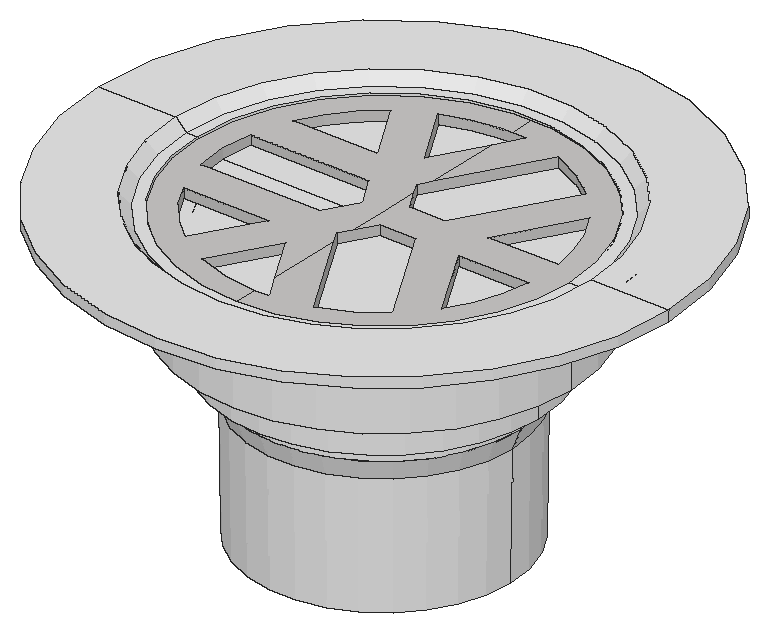
Revit family "Viking Roofspec Drain 01 M01", category Pipe Fittings, host Face, Revit 2021
Family settings
  Host = Face
  Round Connector Dimension = Use Diameter
  Part Type = Cap
  Cut with Voids When Loaded = No
  Shared = No
Parameters (values of type "Drains - Deck Drain - 80mm")
  URL = "www.vikingroofspec.co.nz"
  Type Comments = "Viking Roofspec 80mmØ clamped deck drain SDM050 with 304 S/S flat grate, installed as per manufacturers instructions."
  Pipe Diameter = 80 mm
  Overall Cut Diameter = 230 mm
  Model = "SDM050"
  Material = Viking Roofspec - Plastic White
  Manufacturer = "Viking Roofspec"  # constant formula
  Grate Material = Viking Roofspec - Stainless Steel
  Flow Out = 3.66 L/s
  Default Elevation = 0 mm
  Cut Diameter = 185 mm
  Component = SDM049-050 : Deck Drain
Reference planes
  plane 1 "Center (Front/Back)": y = 0
  plane 2: z = 0
  plane 3 "Center (Left/Right)": x = 0
  plane 4 "Pipe Connector": z = -116.857
Forms (mm)
  Extrusion 1, void
    sketch origin (0, 0, 0) x (1, 0, 0) y (0, 1, 0)
      loop
        circle (0, 0) r 92.5
    from 0 to -120
  Extrusion 2, void
    sketch origin (0, 0, 0) x (1, 0, 0) y (0, 1, 0)
      loop
        circle (0, 0) r 115
    from -4 to 0
Dimensions and locks
  locked: host face to plane 4 "Pipe Connector" at 116.857
  "Cut Diameter": diameter of Extrusion 1 sketch curve
  "Overall Cut Diameter": diameter of Extrusion 2 sketch curve
  aligned and locked: plane 2 to host face
  aligned and locked: level to host face
Automatic sketch dimensions
  host sketch curve to host sketch curve = 2438.4 mm  (x2)
  plane 1 "Center (Front/Back)" to Extrusion 1 sketch curve = 0 mm
  Extrusion 1 sketch curve to plane 3 "Center (Left/Right)" = 0 mm
  plane 1 "Center (Front/Back)" to Extrusion 2 sketch curve = 0 mm
  Extrusion 2 sketch curve to plane 3 "Center (Left/Right)" = 0 mm
Nested families
  nested 1: "SDM049-050" at (0, 0, 0), type <- "Component", Grate Material <- "Grate Material", Material <- "Material", type "Deck Drain"
Connectors
  piping at (0, 0, -116.857), diameter 80, driven by "Pipe Diameter", driven by "Flow Out"
    settings: index 3, connector inside diameter 609.6 mm, connector length 0 mm, flow factor 0, pipe flow 3.66 L/s, pressure drop 0.0 Pa, fitting loss kfactor 0, connector angle 0.00°, fixture units 0, engagement length 0 mm, angle of deflection 0.00°, flow configuration 1, flow direction 2, fitting loss method 4, system type 16, joint type 0, gender type 0, connector reference index -1, connector utility 0, adjustable connector no, is connector primary yes, connector description "Drain/Overflow"
Definition of nested family "SDM049-050"
  Parameters (values of type "Overflow")
    Not Flat Grate = not(Flat Grate)  # yes
    Material [instance] = none
    Has Overflow = yes
    Grate Material [instance] = none
    Default Elevation = 1219.2 mm
    Flat Grate = no
  Types (3, lengths in mm): name | Not Flat Grate | Has Overflow | Flat Grate
    Deck Drain | no | no | yes
    Drain | yes | no | no
    Overflow | yes | yes | no
  Reference planes
    plane 1 "Center (Front/Back)": y = 0
    plane 2: z = 0
    plane 3 "Center (Left/Right)": x = 0
  Forms (mm)
    Revolve 1, solid, material <- "Material"
      sketch origin (0, 0, 0.65) x (1, 0, 0) y (0, 0, 1)
        loop
          line (-89.864, -4.65) -> (-78.07, -17.298) -> (-78.07, -23.78) -> (-75.75, -23.78) -> (-75.75, -43.15) -> (-62.75, -43.15) -> (-62.75, -58.169) -> (-55.2, -60.077) -> (-55.2, -64.697) -> (-51.992, -72.76) -> (-51.354, -121.507) -> (0, -121.507) -> (0, -9) -> (-75.5, -9) -> (-83.85, -0.65) -> (-115, -0.65) -> (-115, -4.65) -> (-89.864, -4.65)
        axis (0, -0.65) -> (0, -121.507)
      angle from 0 to 360
    Revolve 2, solid, material <- "Material"
      sketch origin (0, 0, -4) x (1, 0, 0) y (0, 0, 1)
        loop
          line (60.75, -5) -> (60.75, -9) -> (75.5, -9) -> (84.5, 0) -> (75.25, 0) -> (75.25, -5) -> (60.75, -5)
        axis (0, 0) -> (0, -9)
      angle from 0 to 360
  Dimensions and locks
    aligned and locked: level to plane 2
  Nested families
    nested 1: "80mm Grate" at (0, 0, -4), Grate Material <- "Grate Material", visible <- "Not Flat Grate", type "80mm Grate"
      with Grate Material none
    nested 2: "80mm Flat Grate" at (0, 0, -4) x (0, 1, 0) z (0, 0, 1), Grate Material <- "Grate Material", visible <- "Flat Grate", type "80mm Flat Grate"
      with Grate Material none
    nested 3: "80mm Overflow" at (0, 0, -4), visible <- "Has Overflow", Material <- "Material", type "80mm Overflow"
      with Material none
  Definition of nested family "80mm Grate"
    Parameters (values of type "80mm drain")
      Grate Material [instance] = none
      Default Elevation = 1219.2 mm
    Reference planes
      plane 1 "Center (Front/Back)": y = 0
      plane 2: z = 0
      plane 3 "Center (Left/Right)": x = 0
    Forms (mm)
      Revolve 1, solid, material <- "Grate Material"
        sketch origin (0, 0, 4.65) x (1, 0, 0) y (0, 0, 1)
          loop
            line (68.187, 4.525) -> (66.487, 24.065) -> (65.154, 39.402) -> (0, 39.402) -> (0, 34.408) -> (60.618, 34.408) -> (63.977, -4.397) -> (75.039, -4.397) -> (75.039, 0.839) -> (83.094, 0.839) -> (87.449, 19.74) -> (83.202, 21.041) -> (78.142, 4.52) -> (68.187, 4.525)
          axis (0, 39.402) -> (0, -4.397)
        angle from 0 to 360
      Extrusion 2, void
        sketch origin (300, 0, 0) x (1, 0, 0) y (0, 1, 0)
          loop
            line (-281.893, -7.5) -> (-213.553, -75.841) -> (-185.245, -7.5) -> (-281.893, -7.5)
          loop
            line (-281.893, 7.5) -> (-185.245, 7.5) -> (-213.553, 75.841) -> (-281.893, 7.5)
          loop
            line (-292.5, 18.107) -> (-224.159, 86.447) -> (-292.5, 114.755) -> (-292.5, 18.107)
          loop
            line (-307.5, 114.755) -> (-375.841, 86.447) -> (-307.5, 18.107) -> (-307.5, 114.755)
          loop
            line (-318.107, 7.5) -> (-386.447, 75.841) -> (-414.755, 7.5) -> (-318.107, 7.5)
          loop
            line (-318.107, -7.5) -> (-414.755, -7.5) -> (-386.447, -75.841) -> (-318.107, -7.5)
          loop
            line (-307.5, -18.107) -> (-375.841, -86.447) -> (-307.5, -114.755) -> (-307.5, -18.107)
          loop
            line (-292.5, -18.107) -> (-292.5, -114.755) -> (-224.159, -86.447) -> (-292.5, -18.107)
        from -14.819 to 68.3
    Cuts and joins
      Extrusion 2 cuts Revolve 1
    Dimensions and locks
      aligned and locked: level to plane 2
  Definition of nested family "80mm Flat Grate"
    Parameters (values of type "80mm Flat Grate")
      Grate Material [instance] = none
      Default Elevation = 1219.2 mm
    Reference planes
      plane 1 "Center (Front/Back)": y = 0
      plane 2: z = 0
      plane 3 "Center (Left/Right)": x = 0
    Forms (mm)
      Revolve 1, solid, material <- "Grate Material"
        sketch origin (0, 0, -0.65) x (1, 0, 0) y (0, 0, 1)
          loop
            line (0, -6.25) -> (72.5, -6.25) -> (74.25, -4.5) -> (75.25, -4.5) -> (75.25, 0) -> (0, 0) -> (0, -6.25)
          axis (0, 0) -> (0, -6.25)
        angle from 0 to 360
      Extrusion 2, void
        sketch origin (0, 0, 0) x (1, 0, 0) y (0, 1, 0)
          loop
            line (-52.166, 38.778) -> (-27.5, 24.537) -> (-27.5, 58.896)
            arc (-27.5, 58.896) -> (-41.083, 50.37) -> (-52.166, 38.778) r 65
          loop
            line (-12.5, 15.877) -> (0, 8.66) -> (12.5, 15.877) -> (12.5, 63.787)
            arc (12.5, 63.787) -> (0, 65) -> (-12.5, 63.787) r 65
            line (-12.5, 63.787) -> (-12.5, 15.877)
          loop
            arc (52.166, 38.778) -> (41.083, 50.37) -> (27.5, 58.896) r 65
            line (27.5, 58.896) -> (27.5, 24.537) -> (52.166, 38.778)
          loop
            line (59.666, 25.788) -> (35, 11.547) -> (64.756, -5.632)
            arc (64.756, -5.632) -> (64.164, 10.394) -> (59.666, 25.788) r 65
          loop
            line (20, 2.887) -> (7.5, -4.33) -> (7.5, -18.764) -> (48.991, -42.719)
            arc (48.991, -42.719) -> (56.292, -32.5) -> (61.491, -21.068) r 65
            line (61.491, -21.068) -> (20, 2.887)
          loop
            arc (7.5, -64.566) -> (23.08, -60.764) -> (37.256, -53.264) r 65
            line (37.256, -53.264) -> (7.5, -36.084) -> (7.5, -64.566)
          loop
            line (-7.5, -64.566) -> (-7.5, -36.084) -> (-37.256, -53.264)
            arc (-37.256, -53.264) -> (-23.08, -60.764) -> (-7.5, -64.566) r 65
          loop
            line (-7.5, -18.764) -> (-7.5, -4.33) -> (-20, 2.887) -> (-61.491, -21.068)
            arc (-61.491, -21.068) -> (-56.292, -32.5) -> (-48.991, -42.719) r 65
            line (-48.991, -42.719) -> (-7.5, -18.764)
          loop
            arc (-59.666, 25.788) -> (-64.164, 10.394) -> (-64.756, -5.632) r 65
            line (-64.756, -5.632) -> (-35, 11.547) -> (-59.666, 25.788)
        from -20 to 20
    Cuts and joins
      Extrusion 2 cuts Revolve 1
    Dimensions and locks
      aligned and locked: level to plane 2
  Definition of nested family "80mm Overflow"
    Parameters (values of type "80mm Overflow")
      Material [instance] = none
      Default Elevation = 1219.2 mm
    Reference planes
      plane 1 "Center (Front/Back)": y = 0
      plane 2: z = 0
      plane 3 "Center (Left/Right)": x = 0
    Forms (mm)
      Extrusion 1, solid, material <- "Material"
        sketch origin (0, 0, 0) x (1, 0, 0) y (0, 1, 0)
          loop
            circle (0, 0) r 56.5
          loop
            circle (0, 0) r 53.5
        from 0 to 34.563
    Dimensions and locks
      aligned and locked: level to plane 2
